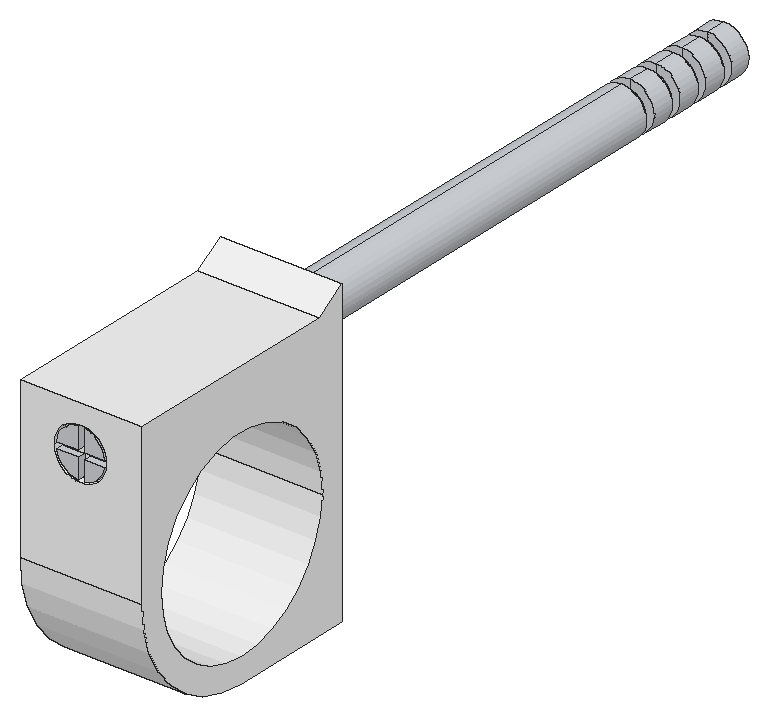
Revit family "PA_SEQ_BuddyBat_25mm", category Pipe Accessories, Revit 2016
Family settings
  Part Type = Normal
  Round Connector Dimension = Use Diameter
  Work Plane-Based = No
  Always vertical = Yes
  Cut with Voids When Loaded = No
  Shared = No
Parameters (values of type "25mm BuddyBat")
  URL for TCP = "http://www.tcpbim.co.za"
  URL = "https://seaqual.co.za/collections/all"
  Type Comments = "BuddyBat 25mm"
  Model = "25mm BuddyBats"
  Manufacturer = "Seaqual"
  Made by = "Tolani Civil Projects cc"
  Black Plastic = White Plastic
  BuddyBat Height = 800 mm
  ASAQS Code = "1.110.95"
Reference planes
  plane 1 "Center (Front/Back)": y = 0
  plane 2: z = 0
  plane 3 "Center (Left/Right)": x = 0
  plane 4: z = 800
  plane 5: x = -7.5
  plane 6: x = 7.5
  plane 7: z = 815.375
  plane 8: y = 70
  plane 9: z = 818.375
  plane 10: z = 812.375
  plane 11: y = 66
  plane 12: y = 62
  plane 13: y = 58
  plane 14: y = 54
  plane 15: y = -19.375
  plane 16: y = -27
  plane 17: y = -30
  plane 18: y = -15.5
Forms (mm)
  Extrusion 1, solid, material "White Plastic" <- "Black Plastic"
    sketch origin (0, 0, 0) x (0, 1, 0) y (0, 0, 1)
      loop
        line (0, 784.5) -> (0, 821.995) -> (-3.464, 819.75) -> (-31, 819.75) -> (-31, 800)
        arc (-31, 800) -> (-26.46, 789.04) -> (-15.5, 784.5) r 15.5
        line (-15.5, 784.5) -> (0, 784.5)
      loop
        circle (-15.5, 800) r 12.5
    from -7.5 to 7.5
  Revolve 2, solid
    sketch origin (0, 0, 0) x (0, 1, 0) y (0, 0, 1)
      loop
        line (0, 818.375) -> (0, 815.375) -> (70, 815.375) -> (68.537, 818.375) -> (66, 818.375) -> (66, 817.117) -> (64.742, 818.375) -> (62, 818.375) -> (62, 817.117) -> (60.742, 818.375) -> (58, 818.375) -> (58, 817.117) -> (56.742, 818.375) -> (54, 818.375) -> (54, 817.117) -> (52.742, 818.375) -> (0, 818.375)
      axis (0, 815.375) -> (70, 815.375)
    angle from 0 to 360
  Extrusion 3, void
    sketch origin (0, 0, 0) x (1, 0, 0) y (0, 0, 1)
      loop
        circle (0, 814.158) r 3.256
    from 30 to 31
  Extrusion 4, solid
    sketch origin (0, 0, 0) x (1, 0, 0) y (0, 0, 1)
      loop
        arc (-0.294, 817.189) -> (-2.144, 816.321) -> (-3.022, 814.476) r 3.03
        line (-3.022, 814.476) -> (-0.294, 814.476) -> (-0.294, 817.189)
      loop
        arc (0.5, 811.212) -> (2.122, 812.046) -> (2.966, 813.664) r 3.012
        line (2.966, 813.664) -> (0.5, 813.664) -> (0.5, 811.212)
      loop
        line (0.5, 817.16) -> (0.5, 814.476) -> (2.996, 814.476)
        arc (2.996, 814.476) -> (2.202, 816.24) -> (0.5, 817.16) r 3.018
      loop
        arc (-2.998, 813.664) -> (-2.07, 811.971) -> (-0.294, 811.215) r 2.948
        line (-0.294, 811.215) -> (-0.294, 813.664) -> (-2.998, 813.664)
    from 30 to 31
Cuts and joins
  Extrusion 3 cuts Extrusion 1
Dimensions and locks
  "BuddyBat Height": plane 4 to plane 2
  locked: plane 5 to plane 3 "Center (Left/Right)" at 7.5
  locked: plane 6 to plane 3 "Center (Left/Right)" at 7.5
  locked: plane 8 to Extrusion 1 at 70
  plane 10 to plane 7 to plane 9 = 3 mm locked, 3 mm locked
  Revolve 2 sketch curve to Revolve 2 sketch curve to Revolve 2 sketch curve to Revolve 2 sketch curve to plane 9 = 0 mm locked, 0 mm locked, 0 mm locked, 1.258 mm locked
  plane 7 to plane 4 = 15.375 mm
  cut or joined group of Extrusion 1, Extrusion 3 to plane 7 = 4.375 mm
  locked: plane 1 "Center (Front/Back)" to plane 18 at 15.5
  locked: Extrusion 1 sketch curve to plane 4 at 21.995
  locked: plane 17 to cut or joined group of Extrusion 1, Extrusion 3 at 1
  aligned and locked: level to plane 2
  aligned and locked: plane 5 to Extrusion 1
  aligned and locked: Extrusion 1 to plane 6
  aligned and locked: plane 9 to Revolve 2 sketch curve
  aligned and locked: plane 1 "Center (Front/Back)" to Revolve 2 sketch curve
  aligned and locked: plane 7 to Revolve 2 sketch curve
  aligned and locked: Revolve 2 sketch curve to plane 9  (x3)
  aligned and locked: Revolve 2 sketch curve to plane 8
  aligned and locked: plane 11 to Revolve 2 sketch curve
  aligned and locked: plane 12 to Revolve 2 sketch curve
  aligned and locked: plane 13 to Revolve 2 sketch curve
  aligned and locked: plane 14 to Revolve 2 sketch curve
  aligned and locked: Revolve 2 sketch curve to plane 7
  aligned and locked: cut or joined group of Extrusion 1, Extrusion 3 to plane 17
  aligned and locked: Extrusion 4 to plane 17
  aligned and locked: Extrusion 1 to Extrusion 3
  aligned and locked: cut or joined group of Extrusion 1, Extrusion 3 to Extrusion 4
Automatic sketch dimensions
  plane 8 to Revolve 2 sketch curve = 1.463 mm
  Revolve 2 sketch curve to Revolve 2 sketch curve = 1.258 mm  (x4)
  plane 9 to Revolve 2 sketch curve = 0 mm
  plane 1 "Center (Front/Back)" to Revolve 2 sketch curve = 26.139 mm
  Revolve 2 sketch curve to Revolve 2 sketch curve = 27.51 mm
  Extrusion 3 sketch curve to plane 3 "Center (Left/Right)" = 0 mm
  plane 7 to Extrusion 3 sketch curve = 1.217 mm
  Extrusion 4 sketch curve to Extrusion 4 sketch curve = 0.084 mm  (x2)
  Extrusion 4 sketch curve to Extrusion 4 sketch curve = 0.016 mm
  plane 7 to Extrusion 4 sketch curve = 1.219 mm
  Extrusion 4 sketch curve to plane 3 "Center (Left/Right)" = 0.002 mm
  plane 3 "Center (Left/Right)" to Extrusion 4 sketch curve = 2.996 mm
  Extrusion 4 sketch curve to Extrusion 4 sketch curve = 0.003 mm
  Extrusion 4 sketch curve to plane 3 "Center (Left/Right)" = 0.294 mm  (x2)
  plane 3 "Center (Left/Right)" to Extrusion 4 sketch curve = 0.5 mm  (x2)
  plane 7 to Extrusion 4 sketch curve = 0.899 mm  (x2)
  plane 7 to Extrusion 4 sketch curve = 1.711 mm
  Extrusion 4 sketch curve to Extrusion 4 sketch curve = 0.006 mm
  Extrusion 4 sketch curve to Extrusion 4 sketch curve = 0.508 mm
  Extrusion 4 sketch curve to Extrusion 4 sketch curve = 0.009 mm
  Extrusion 4 sketch curve to Extrusion 4 sketch curve = 2.705 mm
  Extrusion 4 sketch curve to Extrusion 4 sketch curve = 0.024 mm
  Extrusion 4 sketch curve to Extrusion 4 sketch curve = 0.03 mm
  Extrusion 1 sketch curve to Extrusion 1 sketch curve = 0 mm  (x2)
  Extrusion 1 sketch curve to plane 4 = 0 mm
  Extrusion 1 sketch curve to plane 18 = 0 mm
  plane 1 "Center (Front/Back)" to Extrusion 1 sketch curve = 3.464 mm
  Extrusion 1 sketch curve to Extrusion 1 sketch curve = 2.245 mm
  plane 16 to Extrusion 1 sketch curve = 4 mm
  Extrusion 1 sketch curve to plane 1 "Center (Front/Back)" = 0 mm
  radius of Extrusion 3 sketch curve = 3.256 mm
  radius of Extrusion 1 sketch curve = 12.5 mm
